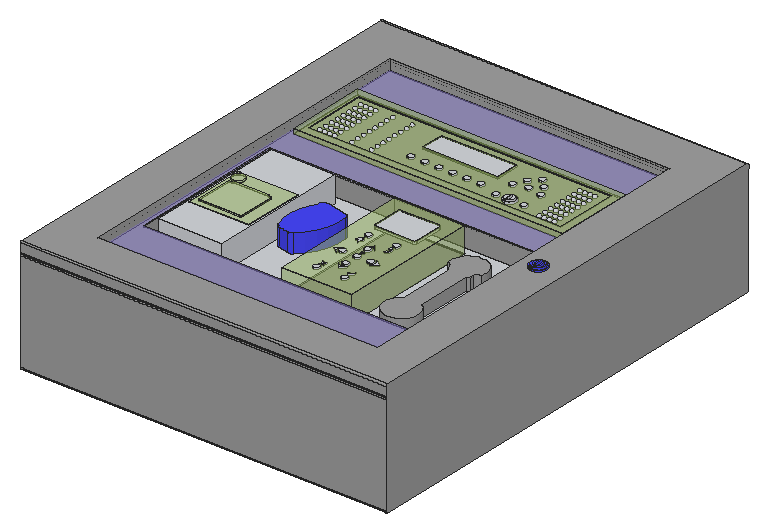
Revit family "Maxlogic ППКП красный корпус, Принтер, Телефон, Речевое оповещение", category Fire Alarm Devices, host Face, Revit 2021 (continued)
Forms (mm)
  Extrusion 151, solid
    sketch origin (-320, 0, -50) x (1, 0, 0) y (0, 0, 1)
      loop
        arc (597.572, 96.743) -> (586.7, 106.067) -> (575.828, 96.743) r 11
    from -403.653 to -401.7
  Extrusion 152, solid
    sketch origin (-360, 0, -50) x (1, 0, 0) y (0, 0, 1)
      loop
        line (575.828, 96.743) -> (574.511, 96.743)
        arc (574.511, 96.743) -> (574.427, 95.036) -> (574.511, 93.33) r 17.356
        line (574.511, 93.33) -> (575.838, 93.33)
        arc (575.838, 93.33) -> (586.7, 84.067) -> (597.562, 93.33) r 11
        line (597.562, 93.33) -> (598.889, 93.33)
        arc (598.889, 93.33) -> (598.973, 95.036) -> (598.889, 96.743) r 17.356
        line (598.889, 96.743) -> (597.572, 96.743)
        arc (597.572, 96.743) -> (586.7, 106.067) -> (575.828, 96.743) r 11
    from -403.653 to -401.7
  Extrusion 153, solid
    sketch origin (-400, 0, -50) x (1, 0, 0) y (0, 0, 1)
      loop
        line (575.828, 96.743) -> (574.511, 96.743)
        arc (574.511, 96.743) -> (574.427, 95.036) -> (574.511, 93.33) r 17.356
        line (574.511, 93.33) -> (575.838, 93.33)
        arc (575.838, 93.33) -> (586.7, 84.067) -> (597.562, 93.33) r 11
        line (597.562, 93.33) -> (598.889, 93.33)
        arc (598.889, 93.33) -> (598.973, 95.036) -> (598.889, 96.743) r 17.356
        line (598.889, 96.743) -> (597.572, 96.743)
        arc (597.572, 96.743) -> (586.7, 106.067) -> (575.828, 96.743) r 11
    from -403.653 to -401.7
  Extrusion 154, solid
    sketch origin (-440, 0, -50) x (1, 0, 0) y (0, 0, 1)
      loop
        line (575.828, 96.743) -> (574.511, 96.743)
        arc (574.511, 96.743) -> (574.427, 95.036) -> (574.511, 93.33) r 17.356
        line (574.511, 93.33) -> (575.838, 93.33)
        arc (575.838, 93.33) -> (586.7, 84.067) -> (597.562, 93.33) r 11
        line (597.562, 93.33) -> (598.889, 93.33)
        arc (598.889, 93.33) -> (598.973, 95.036) -> (598.889, 96.743) r 17.356
        line (598.889, 96.743) -> (597.572, 96.743)
        arc (597.572, 96.743) -> (586.7, 106.067) -> (575.828, 96.743) r 11
    from -403.653 to -401.7
  Extrusion 155, solid
    sketch origin (-480, 0, 0) x (1, 0, 0) y (0, 0, 1)
      loop
        line (575.828, 96.743) -> (574.511, 96.743)
        arc (574.511, 96.743) -> (574.427, 95.036) -> (574.511, 93.33) r 17.356
        line (574.511, 93.33) -> (575.838, 93.33)
        arc (575.838, 93.33) -> (586.7, 84.067) -> (597.562, 93.33) r 11
        line (597.562, 93.33) -> (598.889, 93.33)
        arc (598.889, 93.33) -> (598.973, 95.036) -> (598.889, 96.743) r 17.356
        line (598.889, 96.743) -> (597.572, 96.743)
        arc (597.572, 96.743) -> (586.7, 106.067) -> (575.828, 96.743) r 11
    from -403.653 to -401.7
  Extrusion 156, solid
    sketch origin (-480, 0, -50) x (1, 0, 0) y (0, 0, 1)
      loop
        line (575.828, 96.743) -> (574.511, 96.743)
        arc (574.511, 96.743) -> (574.427, 95.036) -> (574.511, 93.33) r 17.356
        line (574.511, 93.33) -> (575.838, 93.33)
        arc (575.838, 93.33) -> (586.7, 84.067) -> (597.562, 93.33) r 11
        line (597.562, 93.33) -> (598.889, 93.33)
        arc (598.889, 93.33) -> (598.973, 95.036) -> (598.889, 96.743) r 17.356
        line (598.889, 96.743) -> (597.572, 96.743)
        arc (597.572, 96.743) -> (586.7, 106.067) -> (575.828, 96.743) r 11
    from -403.653 to -401.7
  Extrusion 157, solid
    sketch origin (-520, 0, 0) x (1, 0, 0) y (0, 0, 1)
      loop
        line (575.828, 96.743) -> (574.511, 96.743)
        arc (574.511, 96.743) -> (574.427, 95.036) -> (574.511, 93.33) r 17.356
        line (574.511, 93.33) -> (575.838, 93.33)
        arc (575.838, 93.33) -> (586.7, 84.067) -> (597.562, 93.33) r 11
        line (597.562, 93.33) -> (598.889, 93.33)
        arc (598.889, 93.33) -> (598.973, 95.036) -> (598.889, 96.743) r 17.356
        line (598.889, 96.743) -> (597.572, 96.743)
        arc (597.572, 96.743) -> (586.7, 106.067) -> (575.828, 96.743) r 11
    from -403.653 to -401.7
  Extrusion 158, solid
    sketch origin (-520, 0, -50) x (1, 0, 0) y (0, 0, 1)
      loop
        line (575.828, 96.743) -> (574.511, 96.743)
        arc (574.511, 96.743) -> (574.427, 95.036) -> (574.511, 93.33) r 17.356
        line (574.511, 93.33) -> (575.838, 93.33)
        arc (575.838, 93.33) -> (586.7, 84.067) -> (597.562, 93.33) r 11
        line (597.562, 93.33) -> (598.889, 93.33)
        arc (598.889, 93.33) -> (598.973, 95.036) -> (598.889, 96.743) r 17.356
        line (598.889, 96.743) -> (597.572, 96.743)
        arc (597.572, 96.743) -> (586.7, 106.067) -> (575.828, 96.743) r 11
    from -403.653 to -401.7
Cuts and joins
  Extrusion 6, Extrusion 8, Extrusion 108 cuts Extrusion 1
  Extrusion 8, Extrusion 106 cuts Extrusion 7
  Extrusion 110 cuts Extrusion 109
Dimensions and locks
  aligned and locked: plane 2 to host face
  aligned and locked: level to host face
Connectors
  electrical at (326.654, 387.95, 183.35)
    settings: on cut or joined group of Extrusion 1, Extrusion 6, Extrusion 8, Extrusion 108, index 1, voltage 0 V, apparent load 0 VA, apparent load phase1 0 VA, apparent load phase2 0 VA, apparent load phase3 0 VA, power factor 1, load classification "Other", number of poles 1, system type 31, power factor state 1, is connector primary yes, connector utility no, sub classification motor no, connector description ""
Types (18, lengths in mm): name | Код продукта | Инструкция по установке | Description | Аккумулятор
  (no name) | "ML-1259.NPTA" | "https://mavilielektronik.com/Revit/ML125XX_enkk.pdf" | "Приемно-контрольный прибор, 9 КШ, 1143 Адрес с дополнительными модулями, Сеть, Принтер, Телефон, Речевое оповещение" | "4 X (12В Пост. ток 7 Aм/ч. )"
  Maxlogic Приемно-контрольный прибор, 0 КШ, с дополнительными модулями, Сеть, Принтер, Телефон, Речевое оповещение | "ML-1250.NPTA" | "https://mavilielektronik.com/Revit/ML125XX_enkk.pdf" | "Приемно-контрольный прибор, 0 КШ, с дополнительными модулями, Сеть, Принтер, Телефон, Речевое оповещение" | "4 X (12В Пост. ток 7 Aм/ч. )"
  Maxlogic Приемно-контрольный прибор, 1 КШ, 127 Адрес с дополнительными модулями, Сеть, Принтер, Телефон, Речевое оповещение | "ML-1251.NPTA" | "https://mavilielektronik.com/Revit/ML125XX_enkk.pdf" | "Приемно-контрольный прибор, 1 КШ, 127 Адрес с дополнительными модулями, Сеть, Принтер, Телефон, Речевое оповещение" | "4 X (12В Пост. ток 7 Aм/ч. )"
  Maxlogic Приемно-контрольный прибор, 2 КШ, 254 Адрес с дополнительными модулями, Сеть, Принтер, Телефон, Речевое оповещение | "ML-1252.NPTA" | "https://mavilielektronik.com/Revit/ML125XX_enkk.pdf" | "Приемно-контрольный прибор, 2 КШ, 254 Адрес с дополнительными модулями, Сеть, Принтер, Телефон, Речевое оповещение" | "4 X (12В Пост. ток 7 Aм/ч. )"
  Maxlogic Приемно-контрольный прибор, 3 КШ, 381 Адрес с дополнительными модулями, Сеть, Принтер, Телефон, Речевое оповещение | "ML-1253.NPTA" | "https://mavilielektronik.com/Revit/ML125XX_enkk.pdf" | "Приемно-контрольный прибор, 3 КШ, 381 Адрес с дополнительными модулями, Сеть, Принтер, Телефон, Речевое оповещение" | "4 X (12В Пост. ток 7 Aм/ч. )"
  Maxlogic Приемно-контрольный прибор, 4 КШ, 508 Адрес с дополнительными модулями, Сеть, Принтер, Телефон, Речевое оповещение | "ML-1254.NPTA" | "https://mavilielektronik.com/Revit/ML125XX_enkk.pdf" | "Приемно-контрольный прибор, 4 КШ, 508 Адрес с дополнительными модулями, Сеть, Принтер, Телефон, Речевое оповещение" | "4 X (12В Пост. ток 7 Aм/ч. )"
  Maxlogic Приемно-контрольный прибор, 5 КШ, 635 Адрес с дополнительными модулями, Сеть, Принтер, Телефон, Речевое оповещение | "ML-1255.NPTA" | "https://mavilielektronik.com/Revit/ML125XX_enkk.pdf" | "Приемно-контрольный прибор, 5 КШ, 635 Адрес с дополнительными модулями, Сеть, Принтер, Телефон, Речевое оповещение" | "4 X (12V DC 7 Ah )"
  Maxlogic Приемно-контрольный прибор, 6 КШ, 762 Адрес с дополнительными модулями, Сеть, Принтер, Телефон, Речевое оповещение | "ML-1256.NPTA" | "https://mavilielektronik.com/Revit/ML125XX_enkk.pdf" | "Приемно-контрольный прибор, 6 КШ, 762 Адрес с дополнительными модулями, Сеть, Принтер, Телефон, Речевое оповещение" | "4 X (12В Пост. ток 7 Aм/ч. )"
  Maxlogic Приемно-контрольный прибор, 7 КШ, 889 Адрес с дополнительными модулями, Сеть, Принтер, Телефон, Речевое оповещение | "ML-1257.NPTA" | "https://mavilielektronik.com/Revit/ML125XX_enkk.pdf" | "Приемно-контрольный прибор, 7 КШ, 889 Адрес с дополнительными модулями, Сеть, Принтер, Телефон, Речевое оповещение" | "4 X (12В Пост. ток 7 Aм/ч. )"
  Maxlogic Приемно-контрольный прибор, 8 КШ, 1016 Адрес с дополнительными модулями, Сеть, Принтер, Телефон, Речевое оповещение | "ML-1258.NPTA" | "Vhttps://mavilielektronik.com/Revit/ML125XX_enkk.pdf" | "Приемно-контрольный прибор, 8 КШ, 1016 Адрес с дополнительными модулями, Сеть, Принтер, Телефон, Речевое оповещение" | "4 X (12В Пост. ток 7 Aм/ч. )"
  Maxlogic Приемно-контрольный прибор, 9 КШ, 1143 Адрес с дополнительными модулями, Сеть, Принтер, Телефон, Речевое оповещение | "ML-1259.NPTA" | "https://mavilielektronik.com/Revit/ML125XX_enkk.pdf" | "Приемно-контрольный прибор, 9 КШ, 1143 Адрес с дополнительными модулями, Сеть, Принтер, Телефон, Речевое оповещение" | "4 X (12В Пост. ток 7 Aм/ч. )"
  Maxlogic Приемно-контрольный прибор, 10 КШ, 1270 Адрес с дополнительными модулями, Сеть, Принтер, Телефон, Речевое оповещение | "ML-12510.NPTA" | "https://mavilielektronik.com/Revit/ML125XX_enkk.pdf" | "Приемно-контрольный прибор, 10 КШ, 1270 Адрес с дополнительными модулями, Сеть, Принтер, Телефон, Речевое оповещение" | "4 X (12V DC 7 Ah )"
  Maxlogic Приемно-контрольный прибор, 11 КШ, 1397 Адрес с дополнительными модулями, Сеть, Принтер, Телефон, Речевое оповещение | "ML-12511.NPTA" | "https://mavilielektronik.com/Revit/ML125XX_enkk.pdf" | "Приемно-контрольный прибор, 11 КШ, 1397 Адрес с дополнительными модулями, Сеть, Принтер, Телефон, Речевое оповещение" | "4 X (12В Пост. ток 7 Aм/ч. )"
  Maxlogic Приемно-контрольный прибор, 12 КШ, 1524 Адрес с дополнительными модулями, Сеть, Принтер, Телефон, Речевое оповещение | "ML-12512.NPTA" | "https://mavilielektronik.com/Revit/ML125XX_enkk.pdf" | "Приемно-контрольный прибор, 12 КШ, 1524 Адрес с дополнительными модулями, Сеть, Принтер, Телефон, Речевое оповещение" | "4 X (12В Пост. ток 7 Aм/ч. )"
  Maxlogic Приемно-контрольный прибор, 13 КШ, 1651 Адрес с дополнительными модулями, Сеть, Принтер, Телефон, Речевое оповещение | "ML-12513.NPTA" | "https://mavilielektronik.com/Revit/ML125XX_enkk.pdf" | "Приемно-контрольный прибор, 13 КШ, 1651 Адрес с дополнительными модулями, Сеть, Принтер, Телефон, Речевое оповещение" | "4 X (12В Пост. ток 7 Aм/ч. )"
  Maxlogic Приемно-контрольный прибор, 14 КШ, 1778 Адрес с дополнительными модулями, Сеть, Принтер, Телефон, Речевое оповещение | "ML-12514.NPTA" | "https://mavilielektronik.com/Revit/ML125XX_enkk.pdf" | "Приемно-контрольный прибор, 14 КШ, 1778 Адрес с дополнительными модулями, Сеть, Принтер, Телефон, Речевое оповещение" | "4 X (12В Пост. ток 7 Aм/ч. )"
  Maxlogic Приемно-контрольный прибор, 15 КШ, 1905 Адрес с дополнительными модулями, Сеть, Принтер, Телефон, Речевое оповещение | "ML-12515.NPTA" | "https://mavilielektronik.com/Revit/ML125XX_enkk.pdf" | "Приемно-контрольный прибор, 15 КШ, 1905 Адрес с дополнительными модулями, Сеть, Принтер, Телефон, Речевое оповещение" | "4 X (12В Пост. ток 7 Aм/ч. )"
  Maxlogic Приемно-контрольный прибор, 16 КШ, 2032 Адрес с дополнительными модулями, Сеть, Принтер, Телефон, Речевое оповещение | "ML-12516.NPTA" | "https://mavilielektronik.com/Revit/ML125XX_enkk.pdf" | "Приемно-контрольный прибор, 16 КШ, 2032 Адрес с дополнительными модулями, Сеть, Принтер, Телефон, Речевое оповещение" | "4 X (12В Пост. ток 7 Aм/ч. )"
